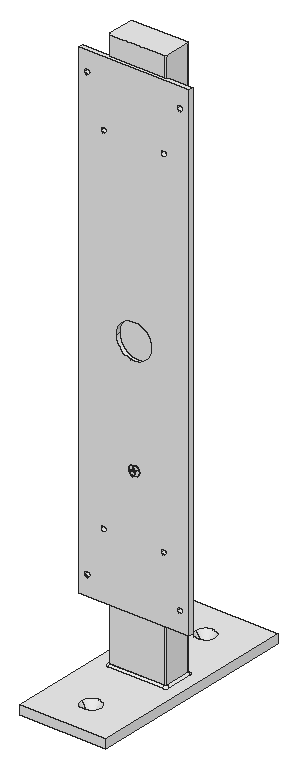
Revit family "CLVRBRT-CF-WP", category Lighting Devices, host Face, Revit 2020
Family settings
  Host = Face
  Maintain Annotation Orientation = No
  Round Connector Dimension = Use Diameter
  Part Type = Normal
  Cut with Voids When Loaded = No
  Shared = No
  Room Calculation Point = No
Parameters (values of type "CLVRBRT-CF-WP")
  Model = "CLVRBRT-CF-WP"
  Manufacturer = "Clevertronics"  # constant formula
  Description = "Cantilever Bracket for Cleverfit and Universal Weatherproof Exit, White,including all Fixings needed to fix the Product to the Bracket."
  CreatedBy = "@MEPROS Engineering Ltd."  # constant formula
  Clevertronics_Width = 150 mm
  Clevertronics_Weight = "1.5 Kg"
  Clevertronics_Suitable Fittings = "Cleverfit Exit: ECFLED, CCFLED, LCFLED // Universal Weatherproof Exit: EWELED, CWELED, LWELED, LCWELED"
  Clevertronics_Product Description = "Cantilever Bracket for Cleverfit and Universal Weatherproof Exit, White,including all Fixings needed to fix the Product to the Bracket."
  Clevertronics_Mounting = "Surface Wall Mounted"
  Clevertronics_Material = Clevertronics_Metal, Powder Coated, White
  Default Elevation = 1200 mm
  Clevertronics_Stacked Symbol Position [instance] = 0
  Clevertronics_Length = 400 mm
  Clevertronics_Height = 60 mm
  Clevertronics_Dimensions Main Enclosure = "L400mm x W150mm x H60mm"
  Clevertronics_Construction = "Powder Coated Steel"
  Clevertronics_Annotation Vertical Offset [instance] = 0 mm
  Clevertronics_Annotation Size = 0 mm
  Clevertronics_Annotation Horizontal Offset [instance] = 0 mm
  Calculate Coefficient of Utilization [instance] = yes
  Assembly Code = ""
Reference planes
  plane 1 "Center (Front/Back)": y = 0
  plane 2: z = 0
  plane 3 "Center (Left/Right)": x = 0
Forms (mm)
  Extrusion 1, solid, material "Clevertronics_Metal, Powder Coated, White"
    sketch origin (0, 0, 0) x (1, 0, 0) y (0, 1, 0)
      loop
        line (30, 75) -> (-30, 75) -> (-30, -75) -> (30, -75) -> (30, 75)
      loop
        circle (0, 50.013) r 3.272
      loop
        circle (0, -50.013) r 3.272
    from 0 to 6
  Blend 2, void
    base sketch origin (0, 0, 0) x (1, 0, 0) y (0, 1, 0)
      loop
        circle (0, 50.029) r 3.272
    top sketch origin (0, 0, 0) x (1, 0, 0) y (0, 1, 0)
      loop
        circle (0, 50.029) r 6.896
    from 0 to 6
  Blend 3, void
    base sketch origin (0, 0, 0) x (1, 0, 0) y (0, 1, 0)
      loop
        circle (0, -50.029) r 3.272
    top sketch origin (0, 0, 0) x (1, 0, 0) y (0, 1, 0)
      loop
        circle (0, -50.029) r 6.896
    from 0 to 6
  Extrusion 4, solid, material "Clevertronics_Metal, Powder Coated, White"
    sketch origin (0, 0, 0) x (1, 0, 0) y (0, 1, 0)
      loop
        line (-20, 9) -> (-20, -9)
        arc (-20, -9) -> (-19.707, -9.707) -> (-19, -10) r 1
        line (-19, -10) -> (19, -10)
        arc (19, -10) -> (19.707, -9.707) -> (20, -9) r 1
        line (20, -9) -> (20, 9)
        arc (20, 9) -> (19.707, 9.707) -> (19, 10) r 1
        line (19, 10) -> (-19, 10)
        arc (-19, 10) -> (-19.707, 9.707) -> (-20, 9) r 1
    from 7.5 to 402
  Blend 5, solid, material "Clevertronics_Metal, Powder Coated, White"
    base sketch origin (0, 0, 0) x (1, 0, 0) y (0, 1, 0)
      loop
        arc (-21.5, -9) -> (-20.768, -10.768) -> (-19, -11.5) r 2.5
        line (-19, -11.5) -> (19, -11.5)
        arc (19, -11.5) -> (20.768, -10.768) -> (21.5, -9) r 2.5
        line (21.5, -9) -> (21.5, 9)
        arc (21.5, 9) -> (20.768, 10.768) -> (19, 11.5) r 2.5
        line (19, 11.5) -> (-19, 11.5)
        arc (-19, 11.5) -> (-20.768, 10.768) -> (-21.5, 9) r 2.5
        line (-21.5, 9) -> (-21.5, -9)
    top sketch origin (0, 0, 0) x (1, 0, 0) y (0, 1, 0)
      loop
        line (20, -9) -> (20, 9)
        arc (20, 9) -> (19.707, 9.707) -> (19, 10) r 1
        line (19, 10) -> (-19, 10)
        arc (-19, 10) -> (-19.707, 9.707) -> (-20, 9) r 1
        line (-20, 9) -> (-20, -9)
        arc (-20, -9) -> (-19.707, -9.707) -> (-19, -10) r 1
        line (-19, -10) -> (19, -10)
        arc (19, -10) -> (19.707, -9.707) -> (20, -9) r 1
    from 6 to 7.5
  Extrusion 6, solid, material "Clevertronics_Metal, Powder Coated, White"
    sketch origin (0, 0, 0) x (1, 0, 0) y (0, 0, 1)
      loop
        line (38.5, 388.45) -> (-38.5, 388.45) -> (-38.5, 46.45) -> (38.5, 46.45) -> (38.5, 388.45)
      loop
        circle (-32.512, 374.952) r 1.9
      loop
        circle (32.512, 374.952) r 1.9
      loop
        circle (-21, 342.445) r 1.9
      loop
        circle (21, 342.445) r 1.9
      loop
        circle (-32.512, 59.948) r 1.9
      loop
        circle (32.512, 59.948) r 1.9
      loop
        circle (-21, 92.455) r 1.9
      loop
        circle (21, 92.455) r 1.9
      loop
        circle (0, 217.42) r 12.5
      loop
        circle (0, 136.19) r 3.808
    from 12.8 to 9.8
  Extrusion 7, solid, material "Clevertronics_Metal, Powder Coated, White"
    sketch origin (0, 0, 0) x (1, 0, 0) y (0, 0, 1)
      loop
        circle (0, 136.254) r 3.678
    from 9.8 to 12.8
  Extrusion 8, void
    sketch origin (0, 0, 0) x (1, 0, 0) y (0, 0, 1)
      loop
        line (0.27, 136.853) -> (-0.304, 138.239)
        arc (-0.304, 138.239) -> (-0.958, 138.509) -> (-1.228, 137.856) r 0.5
        line (-1.228, 137.856) -> (-0.653, 136.47) -> (-2.039, 135.896)
        arc (-2.039, 135.896) -> (-2.309, 135.242) -> (-1.656, 134.972) r 0.5
        line (-1.656, 134.972) -> (-0.27, 135.547) -> (0.304, 134.161)
        arc (0.304, 134.161) -> (0.958, 133.891) -> (1.228, 134.544) r 0.5
        line (1.228, 134.544) -> (0.653, 135.93) -> (2.039, 136.504)
        arc (2.039, 136.504) -> (2.309, 137.158) -> (1.656, 137.428) r 0.5
        line (1.656, 137.428) -> (0.27, 136.853)
    from 11.211 to 12.8
Cuts and joins
  Blend 2, Blend 3 cuts Extrusion 1
  Extrusion 8 cuts Extrusion 7
Dimensions and locks
  aligned and locked: host face to plane 2
  aligned and locked: host face to level
